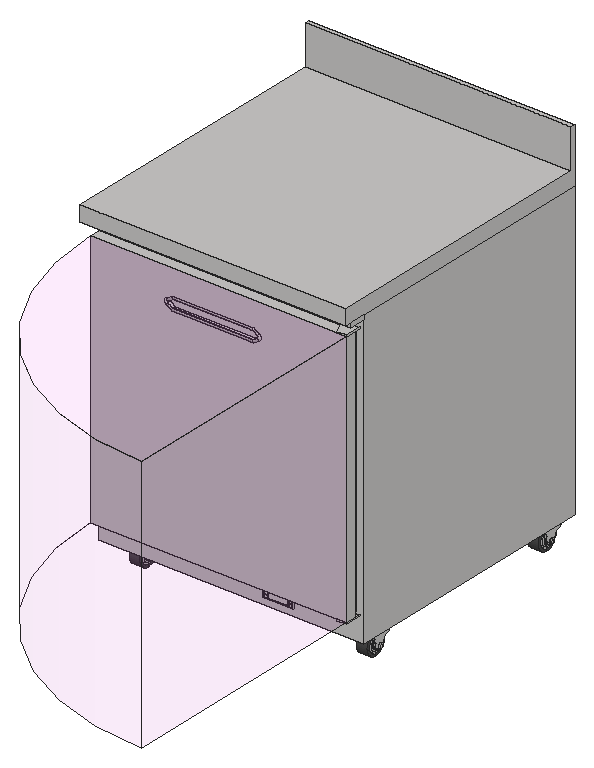
Revit family "QF_Kelvinator_738303_KCHUCWT27F", category Specialty Equipment, Revit 2021
Family settings
  Round Connector Dimension = Use Diameter
  Part Type = Normal
  Work Plane-Based = No
  Always vertical = Yes
  Cut with Voids When Loaded = No
  Shared = No
  Room Calculation Point = No
Parameters
  Weight in Pounds = 152.119
  Weight = 69.00 lbm
  Watts = 0 W
  Volts = 115 V
  URL Manufacturer = "KELVINATOR"
  URL Cutsheet = ""
  URL = "KELVINATOR"
  Specification by User = ""
  Specification by Manufacturer = ""
  Show Right Door [instance] = not(Show Left Door)  # yes
  Show Left Door [instance] = no
  Serial Number = ""
  Seismic Rating = ""
  SMACNA No = ""
  Revision Code = ""
  Refrigerant Type = "R290"
  Phase = 1
  Number of Poles = 1
  NAFEM Spec ID Number = ""
  Model = "KCHUCWT27F"
  Min Ckt Ampacity = 0 A
  Max Overcurrent Protection = 0 A
  Masterspec = ""
  Manufacturer = "Kelvinator"
  Length Actual = 705"
  Length = 27 3/4"
  Item Number = "738303"
  Installed By = ""
  Identify Quantity as Lot = yes
  Height Actual = 1007"
  Height = 39 5/8"
  HP = "0.3 HP"
  Gas KW = 0
  Furnished By = ""
  Foodservice Equipment Identifier = yes
  FL Amps = 1.9 A
  Electrical Remarks = ""
  Electric Connection Type = ""
  Elec Conn RI Height = 0"
  Elec Conn Connection Height = 0"
  Description = "1-DOOR WORK TOP FREEZER 27\" LONG"
  Depth Actual = 760"
  Depth = 29 15/16"
  Default Elevation = 0"
  Cycle = 60 Hz
  Conn Plug = "5-15P"
  Conn Conduit = yes
  CSI MasterFormat = ""
  Apparent Power = 0 VA
  Accessory = no
Reference planes (in)
  plane 1 "BACK": y = 0
  plane 2: z = 0
  plane 3 "LEFT": x = 0
  plane 4 "RIGHT": x = 27.75
  plane 5 "FRONT": y = -29.9375
  plane 6 "TOP": z = 39.625
  plane 7 "Center Y": x = 13.875
  plane 8 "Center X": y = -14.96875
Dimensions and locks (in)
  equal spacing: plane 3 "LEFT", plane 7 "Center Y", plane 4 "RIGHT"
  "Length": plane 3 "LEFT" to plane 4 "RIGHT"
  equal spacing: plane 5 "FRONT", plane 8 "Center X", plane 1 "BACK"
  "Depth": plane 5 "FRONT" to plane 1 "BACK"
  "Height": plane 6 "TOP" to level
  aligned and locked: level to plane 2
Nested families (in)
  nested 1: "KCHST.0001" at (0, 0, 0), Show Left Door <- "Show Left Door", Show Right Door <- "Show Right Door", type "KCHST.0001"
    with Show Right Door yes, Show Left Door no, Show Clearance yes
Connectors (in)
  electrical at (13.85, -0.87772, 2.31881), driven by "Volts", driven by "Watts"
    settings: on nested 1, index 1, voltage 115 V, apparent load 0 VA, apparent load phase1 0 VA, apparent load phase2 0 VA, apparent load phase3 0 VA, power factor 1, load classification "Other", number of poles 1, system type 30, power factor state 1, is connector primary yes, connector utility no, sub classification motor no, connector description ""
Definition of nested family "KCHST.0001"
  Parameters (values of type "KCHST.0001")
    Weight in Pounds = 0
    URL Cutsheet = ""
    Specification by User = ""
    Specification by Manufacturer = ""
    Show Right Door [instance] = yes
    Show Left Door [instance] = yes
    Show Clearance [instance] = yes
    Serial Number = ""
    Seismic Rating = ""
    SMACNA No = ""
    Revision Code = ""
    NAFEM Spec ID Number = ""
    Masterspec = ""
    Length = 27 3/4"
    Item Number = ""
    Installed By = ""
    Identify Quantity as Lot = yes
    Height = 39 5/8"
    Furnished By = ""
    Foodservice Equipment Identifier = yes
    Depth = 29 15/16"
    Default Elevation = 0"
    CSI MasterFormat = ""
  Reference planes (in)
    plane 1 "BACK": y = 0
    plane 2: z = 0
    plane 3 "LEFT": x = 0
    plane 4 "RIGHT": x = 27.75
    plane 5 "FRONT": y = -29.9375
    plane 6 "TOP": z = 39.625
    plane 7 "Center Y": x = 13.875
    plane 8 "Center X": y = -14.96875
    plane 9: z = 3.1
    plane 10: z = 33.9
    plane 11: y = -56
    plane 12: y = -29.2
    plane 13: z = 32.4
    plane 14: z = 5.6
    plane 15: y = -27.5
    plane 16: x = 25.75
    plane 17: x = 2
    plane 18: x = 27.25
    plane 19: x = 0.5
    plane 20: z = 35.5
    plane 21: y = -27.2
  Forms (in)
    Extrusion 1, solid
      sketch origin (0, 0, 0) x (0, 1, 0) y (0, 0, 1)
        loop
          line (-27.5, 33.9) -> (-27.5, 3.1) -> (0, 3.1) -> (0, 33.9) -> (-27.5, 33.9)
      from 0 to 27.75
    Extrusion 2, solid
      sketch origin (0, 0, 0) x (0, 1, 0) y (0, 0, 1)
        loop
          line (-0.48673, 39.625) -> (-0.48673, 35.5) -> (-29.9375, 35.5) -> (-29.9375, 33.9) -> (0, 33.9) -> (0, 39.625) -> (-0.48673, 39.625)
      from 0 to 27.75
    Extrusion 3, solid
      sketch origin (0, 0, 0) x (0, 1, 0) y (0, 0, 1)
        loop
          line (-29.2, 33.9) -> (-29.2, 33.4) -> (-27.5, 33.4) -> (-27.5, 33.9) -> (-29.2, 33.9)
      from 0 to 27.75
    Extrusion 4, solid
      sketch origin (13.875, 6.90541, 48) x (0, 1, 0) y (0, 0, 1)
        loop
          line (-36.10541, -15.6) -> (-36.10541, -42.4) -> (-34.95211, -42.4) -> (-34.95211, -15.6) -> (-36.10541, -15.6)
      from 13.375 to -13.375
    Extrusion 5, solid
      sketch origin (0, 0, 0) x (0, 1, 0) y (0, 0, 1)
        loop
          line (-28.04671, 32.20449) -> (-28.04671, 5.81322) -> (-27.79671, 5.81322) -> (-27.79671, 32.20449) -> (-28.04671, 32.20449)
      from 0.74536 to 26.90213
    Extrusion 6, solid
      sketch origin (0, 0.25, 0) x (0, 1, 0) y (0, 0, 1)
        loop
          line (-28.04671, 32.20449) -> (-28.04671, 5.81322) -> (-27.864, 5.81322) -> (-27.864, 32.20449) -> (-28.04671, 32.20449)
      from 0.74536 to 26.90213
    Extrusion 7, solid
      sketch origin (0, 0.4327, 0) x (0, 1, 0) y (0, 0, 1)
        loop
          line (-28.04671, 32.20449) -> (-28.04671, 5.81322) -> (-27.9327, 5.81322) -> (-27.9327, 32.20449) -> (-28.04671, 32.20449)
      from 0.74536 to 26.90213
    Extrusion 8, solid
      sketch origin (-4.97957, -27.5, -4.77927) x (-1, 0, 0) y (0, 0, 1)
        loop
          line (-22.17533, 9.70772) -> (-25.32493, 9.70772) -> (-25.32493, 8.52662) -> (-22.17533, 8.52662) -> (-22.17533, 9.70772)
        loop
          line (-22.25407, 9.63107) -> (-22.64777, 9.63107) -> (-22.64777, 9.31193) -> (-22.25407, 9.31193) -> (-22.25407, 9.63107)
        loop
          line (-22.25407, 9.27674) -> (-22.64777, 9.27674) -> (-22.64777, 8.9576) -> (-22.25407, 8.9576) -> (-22.25407, 9.27674)
        loop
          line (-22.25407, 8.92241) -> (-22.64777, 8.92241) -> (-22.64777, 8.60327) -> (-22.25407, 8.60327) -> (-22.25407, 8.92241)
        loop
          line (-25.24619, 9.63107) -> (-25.24619, 9.31193) -> (-24.85249, 9.31193) -> (-24.85249, 9.63107) -> (-25.24619, 9.63107)
        loop
          line (-25.24619, 9.27674) -> (-25.24619, 8.9576) -> (-24.85249, 8.9576) -> (-24.85249, 9.27674) -> (-25.24619, 9.27674)
        loop
          line (-25.24619, 8.92241) -> (-25.24619, 8.60327) -> (-24.85249, 8.60327) -> (-24.85249, 8.92241) -> (-25.24619, 8.92241)
        loop
          line (-22.72525, 9.63107) -> (-24.77501, 9.63107) -> (-24.77501, 8.60716) -> (-22.72525, 8.60716) -> (-22.72525, 9.63107)
      from 0.07874 to -0.04602
    Extrusion 9, solid
      sketch origin (-4.97957, -27.54602, -4.77927) x (1, 0, 0) y (0, 0, 1)
        loop
          line (24.85249, 9.63107) -> (24.85249, 9.31193) -> (25.24619, 9.31193) -> (25.24619, 9.63107) -> (24.85249, 9.63107)
        loop
          line (24.85249, 9.27674) -> (24.85249, 8.9576) -> (25.24619, 8.9576) -> (25.24619, 9.27674) -> (24.85249, 9.27674)
        loop
          line (24.85249, 8.92241) -> (24.85249, 8.60327) -> (25.24619, 8.60327) -> (25.24619, 8.92241) -> (24.85249, 8.92241)
        loop
          line (22.64777, 9.63107) -> (22.25407, 9.63107) -> (22.25407, 9.31193) -> (22.64777, 9.31193) -> (22.64777, 9.63107)
        loop
          line (22.64777, 9.27674) -> (22.25407, 9.27674) -> (22.25407, 8.9576) -> (22.64777, 8.9576) -> (22.64777, 9.27674)
        loop
          line (22.64777, 8.92241) -> (22.25407, 8.92241) -> (22.25407, 8.60327) -> (22.64777, 8.60327) -> (22.64777, 8.92241)
      from 0 to -0.07874
    Extrusion 10, solid
      sketch origin (-4.97957, -27.54602, -4.77927) x (1, 0, 0) y (0, 0, 1)
        loop
          line (22.72525, 9.63107) -> (22.72525, 8.60716) -> (24.77501, 8.60716) -> (24.77501, 9.63107) -> (22.72525, 9.63107)
      from 0 to -0.07874
    Extrusion 11, void
      sketch origin (-4.97957, -27.5, -4.77927) x (-1, 0, 0) y (0, 0, 1)
        loop
          line (-22.17533, 9.70772) -> (-25.32493, 9.70772) -> (-25.32493, 8.52662) -> (-22.17533, 8.52662) -> (-22.17533, 9.70772)
      from 0 to 0.07874
    Extrusion 12, void
      sketch origin (-15.80943, -29.19996, 31.5181) x (0, 0, 1) y (1, 0, 0)
        loop
          line (-1.94791, 24.94068) -> (-1.94791, 33.29068) -> (-2.28604, 33.83168)
          arc (-2.28604, 33.83168) -> (-2.38541, 33.88676) -> (-2.48479, 33.83168) r 0.11719
          line (-2.48479, 33.83168) -> (-2.82291, 33.29068) -> (-2.82291, 24.94068) -> (-2.48621, 24.40196)
          arc (-2.48621, 24.40196) -> (-2.38541, 24.34609) -> (-2.28462, 24.40196) r 0.11887
          line (-2.28462, 24.40196) -> (-1.94791, 24.94068)
      from 0 to 0.31887
    Sweep 13, solid
      path origin (-15.80943, -26.39996, 31.5181) x (0, 0, -1) y (1, 0, 0)
        loop
          line (2.82291, 33.29068) -> (2.48479, 33.83168)
          arc (2.48479, 33.83168) -> (2.38541, 33.88676) -> (2.28604, 33.83168) r 0.11719
          line (2.28604, 33.83168) -> (1.94791, 33.29068) -> (1.94791, 24.94068) -> (2.28462, 24.40196)
          arc (2.28462, 24.40196) -> (2.38541, 24.34609) -> (2.48621, 24.40196) r 0.11887
          line (2.48621, 24.40196) -> (2.82291, 24.94068) -> (2.82291, 33.29068)
      profile origin (13.30625, -26.39996, 28.69519) x (0, 0, -1) y (0, -1, 0)
        loop
          line (0, 2.8) -> (0.25, 2.8)
          arc (0.25, 2.8) -> (0.125, 2.85269) -> (0, 2.8) r 0.17461
    Extrusion 14, solid
      sketch origin (0.56875, -3.56521, 3.1) x (-1, 0, 0) y (0, 1, 0)
        loop
          circle (-13.28125, 2.68749) r 0.25
      from 0 to 0.78119
    Extrusion 15, solid, visible <- "Show Right Door"
      sketch origin (0, 9.61225, 5.6) x (1, 0, 0) y (0, -1, 0)
        loop
          line (0.5, 38.81225) -> (27.25, 38.81225) -> (27.25, 65.56225)
          arc (27.25, 65.56225) -> (8.33489, 57.72736) -> (0.5, 38.81225) r 26.75
      from 0 to -26.8
    Extrusion 16, solid, visible <- "Show Right Door"
      sketch origin (13.875, -29.2, 32.4) x (0, 1, 0) y (-1, 0, 0)
        loop
          line (1.7, -13.375) -> (1.7, -11.625) -> (0, -12.375) -> (0, -13.375) -> (1.7, -13.375)
      from 0 to 0.13
    Extrusion 17, solid, visible <- "Show Right Door"
      sketch origin (13.875, -28.04671, 5.6) x (-1, 0, 0) y (0, 1, 0)
        loop
          line (-11.625, 0.54671) -> (-13.375, 0.54671) -> (-13.375, -1.15329) -> (-12.375, -1.15329) -> (-11.625, 0.54671)
      from 0 to 0.13
    Extrusion 18, solid, visible <- "Show Left Door"
      sketch origin (13.875, -29.2, 32.4) x (0, 1, 0) y (-1, 0, 0)
        loop
          line (1.7, 13.375) -> (0, 13.375) -> (0, 12.375) -> (1.7, 11.625) -> (1.7, 13.375)
      from 0 to 0.13
    Extrusion 19, solid, visible <- "Show Left Door"
      sketch origin (13.875, -28.04671, 5.6) x (-1, 0, 0) y (0, 1, 0)
        loop
          line (11.625, 0.54671) -> (12.375, -1.15329) -> (13.375, -1.15329) -> (13.375, 0.54671) -> (11.625, 0.54671)
      from 0 to 0.13
    Extrusion 20, solid, visible <- "Show Left Door"
      sketch origin (27.8, 9.61225, 5.6) x (1, 0, 0) y (0, -1, 0)
        loop
          arc (-0.55, 38.81225) -> (-8.38489, 57.72736) -> (-27.3, 65.56225) r 26.75
          line (-27.3, 65.56225) -> (-27.3, 38.81225) -> (-0.55, 38.81225)
      from 0 to -26.8
  Cuts and joins
    Extrusion 11 cuts Extrusion 8
    Extrusion 12 cuts Extrusion 4
  Lines and regions (in)
    symbolic lines
      curve 1: line (27.75, -29.9375, 0) -> (27.75, 0, 0)
      curve 2: line (27.75, 0, 0) -> (0, 0, 0)
      curve 3: line (0, 0, 0) -> (0, -29.9375, 0)
      curve 4: line (0, -29.9375, 0) -> (27.75, -29.9375, 0)
      curve 5: line (0, -0.48673, 0) -> (27.75, -0.48673, 0)
    symbolic lines, visible <- "Show Right Door"
      curve 6: arc (0.50285, -29.9375, 0) -> (1.5946, -36.79965, 0) -> (4.41646, -43.14932, 0) r 26.75732
      curve 7: line (27.25, -29.9375, 0) -> (4.41646, -43.14932, 0)
    symbolic lines, visible <- "Show Left Door"
      curve 8: arc (27.24715, -29.9375, 0) -> (26.1554, -36.79965, 0) -> (23.33354, -43.14932, 0) r 26.75732
      curve 9: line (0.5, -29.9375, 0) -> (23.33354, -43.14932, 0)
  Dimensions and locks (in)
    equal spacing: plane 3 "LEFT", plane 7 "Center Y", plane 4 "RIGHT"
    "Length": plane 3 "LEFT" to plane 4 "RIGHT"
    equal spacing: plane 5 "FRONT", plane 8 "Center X", plane 1 "BACK"
    "Depth": plane 5 "FRONT" to plane 1 "BACK"
    "Height": plane 6 "TOP" to level
    level to plane 9 = 3.1"
    plane 10 to plane 9 = 30.8"
    plane 11 to plane 1 "BACK" = 56"
    plane 14 to plane 13 = 26.8"
    locked: plane 4 "RIGHT" to plane 16 at 2
    locked: plane 3 "LEFT" to plane 17 at 2
    locked: plane 19 to plane 3 "LEFT" at 0.5
    locked: plane 18 to plane 4 "RIGHT" at 0.5
    plane 3 "LEFT" to plane 4 "RIGHT" = 27 3/4"
    plane 20 to level = 35 1/2"
    plane 6 "TOP" to plane 20 = 4 1/8"
    plane 5 "FRONT" to plane 1 "BACK" = 29 15/16"
    plane 21 to plane 1 "BACK" = 27.2"
    plane 9 to plane 20 = 32.4"
    aligned and locked: level to plane 2
    aligned and locked: plane 16 to nested 1
    aligned and locked: nested 2 to plane 17
    aligned and locked: Extrusion 1 to plane 4 "RIGHT"
    aligned and locked: plane 4 "RIGHT" to Extrusion 1
    aligned and locked: Extrusion 3 to plane 4 "RIGHT"
    aligned and locked: Extrusion 2 to plane 4 "RIGHT"
    aligned and locked: plane 18 to cut or joined group of Extrusion 4, Extrusion 12
    aligned and locked: cut or joined group of Extrusion 4, Extrusion 12 to plane 19
    aligned and locked: plane 16 to nested 3
  Automatic sketch dimensions
    plane 9 to Extrusion 1 sketch curve = 0"
    Extrusion 1 sketch curve to plane 15 = 0"
    Extrusion 1 sketch curve to plane 1 "BACK" = 0"
    Extrusion 1 sketch curve to plane 10 = 0"
    Extrusion 2 sketch curve to plane 5 "FRONT" = 0"
    Extrusion 2 sketch curve to plane 20 = 0"
    Extrusion 2 sketch curve to plane 6 "TOP" = 0"
    Extrusion 2 sketch curve to plane 1 "BACK" = 0"
    Extrusion 2 sketch curve to plane 10 = 0"
    plane 1 "BACK" to Extrusion 2 sketch curve = 0.48673"
    Extrusion 3 sketch curve to plane 10 = 0"
    Extrusion 3 sketch curve to plane 12 = 0"
    Extrusion 3 sketch curve to plane 15 = 0"
    Extrusion 3 sketch curve to Extrusion 3 sketch curve = 1/2"
    Extrusion 4 sketch curve to plane 12 = 0"
    plane 14 to Extrusion 4 sketch curve = 0"
    plane 13 to Extrusion 4 sketch curve = 0"
    Extrusion 4 sketch curve to plane 15 = 0.54671"
    Extrusion 5 sketch curve to plane 14 = 0.21322"
    Extrusion 5 sketch curve to plane 15 = 0.54671"
    Extrusion 5 sketch curve to Extrusion 5 sketch curve = 1/4"
    plane 13 to Extrusion 5 sketch curve = 0.19551"
    Extrusion 6 sketch curve to plane 15 = 0.29671"
    Extrusion 6 sketch curve to plane 15 = 0.114"
    Extrusion 6 sketch curve to plane 14 = 0.21322"
    plane 13 to Extrusion 6 sketch curve = 0.19551"
    Extrusion 7 sketch curve to plane 15 = 0"
    Extrusion 7 sketch curve to Extrusion 7 sketch curve = 0.114"
    Extrusion 7 sketch curve to plane 14 = 0.21322"
    plane 13 to Extrusion 7 sketch curve = 0.19551"
    plane 14 to Extrusion 8 sketch curve = 0.67154"
    Extrusion 8 sketch curve to plane 16 = 5.40464"
    Extrusion 8 sketch curve to Extrusion 8 sketch curve = 0.07874"  (x3)
    Extrusion 8 sketch curve to Extrusion 8 sketch curve = 0"  (x7)
    Extrusion 8 sketch curve to Extrusion 8 sketch curve = 0.3937"  (x2)
    Extrusion 8 sketch curve to Extrusion 8 sketch curve = 0.07748"  (x3)
    Extrusion 8 sketch curve to plane 9 = 0.72789"
    Extrusion 8 sketch curve to Extrusion 8 sketch curve = 2.04976"
    Extrusion 8 sketch curve to Extrusion 8 sketch curve = 1/256"  (x2)
    Extrusion 8 sketch curve to Extrusion 8 sketch curve = 0.07665"  (x3)
    Extrusion 8 sketch curve to Extrusion 8 sketch curve = 0.31914"  (x4)
    Extrusion 8 sketch curve to Extrusion 8 sketch curve = 0.03519"  (x4)
    Extrusion 8 to Extrusion 9 sketch curve = 0"  (x10)
    Extrusion 9 sketch curve to Extrusion 8 = 0"  (x14)
    Extrusion 10 sketch curve to Extrusion 8 = 0"  (x3)
    Extrusion 8 to Extrusion 10 sketch curve = 0"
    plane 14 to Extrusion 11 sketch curve = 0.67154"
    Extrusion 11 sketch curve to plane 16 = 5.40464"
    Extrusion 11 sketch curve to plane 9 = 0.64735"
    Extrusion 11 sketch curve to Extrusion 11 sketch curve = 3.14961"
    curve 5 to plane 3 "LEFT" = 0"
    curve 8 to plane 12 = 0"
    curve 8 to plane 19 = 0"
    plane 5 "FRONT" to curve 9 = 0"
    curve 9 to plane 19 = 0"
    curve 7 to plane 18 = 0"
    curve 6 to plane 12 = 0"
    curve 6 to plane 18 = 0"
    curve 4 to plane 4 "RIGHT" = 0"
    plane 1 "BACK" to curve 2 = 0"
    curve 7 to plane 17 = 2.41646"
    curve 9 to plane 16 = 2.41646"
    curve 7 to plane 11 = 12.85068"
    curve 9 to plane 11 = 12.85068"
    plane 1 "BACK" to curve 5 = 0.48673"
    plane 13 to Extrusion 12 sketch curve = 3.70481"
    Extrusion 12 sketch curve to Extrusion 12 sketch curve = 0.3367"
    Extrusion 12 sketch curve to Extrusion 12 sketch curve = 0.33813"  (x2)
    Extrusion 12 sketch curve to Extrusion 12 sketch curve = 0.09937"  (x2)
    Extrusion 12 sketch curve to Extrusion 12 sketch curve = 0.1008"  (x2)
    Extrusion 12 sketch curve to plane 7 "Center Y" = 5.28247"
    Extrusion 12 sketch curve to Extrusion 12 sketch curve = 0.063"
    Extrusion 12 sketch curve to Extrusion 12 sketch curve = 0.53872"  (x2)
    plane 7 "Center Y" to Extrusion 12 sketch curve = 3.60625"
    Extrusion 12 sketch curve to Extrusion 12 sketch curve = 0"
    Extrusion 12 sketch curve to Extrusion 12 sketch curve = 0.47889"
    Extrusion 12 sketch curve to Extrusion 12 sketch curve = 0.06211"
    plane 13 to Sweep 13 sketch curve = 2.82981"
    Sweep 13 sketch curve to Sweep 13 sketch curve = 0.3367"
    Sweep 13 sketch curve to Sweep 13 sketch curve = 0.33813"  (x2)
    Sweep 13 sketch curve to Sweep 13 sketch curve = 0.09937"  (x2)
    Sweep 13 sketch curve to Sweep 13 sketch curve = 0.1008"  (x2)
    Sweep 13 sketch curve to plane 7 "Center Y" = 5.28247"
    Sweep 13 sketch curve to Sweep 13 sketch curve = 0.063"
    Sweep 13 sketch curve to Sweep 13 sketch curve = 0.53872"  (x2)
    plane 7 "Center Y" to Sweep 13 sketch curve = 3.60625"
    Sweep 13 sketch curve to Sweep 13 sketch curve = 0"
    Sweep 13 sketch curve to Sweep 13 sketch curve = 0.47889"
    Sweep 13 sketch curve to Sweep 13 sketch curve = 0.06211"
    Sweep 13 sketch curve to profile plane = 0"
    Sweep 13 sketch curve to profile plane = 1/8"
    profile plane to Sweep 13 sketch curve = 2.67809"
    Sweep 13 sketch curve to Sweep 13 sketch curve = 0.12191"
    Extrusion 1 to Extrusion 14 sketch curve = 0.87772"
    Extrusion 14 sketch curve to Extrusion 1 = 13.9"
    Extrusion 15 sketch curve to plane 12 = 0"
    Extrusion 15 sketch curve to plane 19 = 0"
    Extrusion 15 sketch curve to plane 18 = 0"
    Extrusion 16 sketch curve to Extrusion 4 = 0"
    Extrusion 4 to Extrusion 16 sketch curve = 0"
    Extrusion 4 to Extrusion 16 sketch curve = 0.54671"
    Extrusion 4 to Extrusion 16 sketch curve = 1"
    Extrusion 4 to Extrusion 16 sketch curve = 1 3/4"
    Extrusion 17 sketch curve to Extrusion 4 = 0"
    Extrusion 4 to Extrusion 17 sketch curve = 0"
    Extrusion 17 sketch curve to Extrusion 4 = 1"
    Extrusion 17 sketch curve to Extrusion 4 = 0.54671"
    Extrusion 17 sketch curve to Extrusion 4 = 1 3/4"
    Extrusion 18 sketch curve to Extrusion 4 = 0"  (x2)
    Extrusion 4 to Extrusion 18 sketch curve = 0.54671"
    Extrusion 4 to Extrusion 18 sketch curve = 1"
    Extrusion 4 to Extrusion 18 sketch curve = 1 3/4"
    Extrusion 4 to Extrusion 19 sketch curve = 0"
    Extrusion 19 sketch curve to Extrusion 4 = 0"
    Extrusion 19 sketch curve to Extrusion 4 = 1"
    Extrusion 19 sketch curve to Extrusion 4 = 0.54671"
    Extrusion 19 sketch curve to Extrusion 4 = 1 3/4"
    Extrusion 20 sketch curve to plane 12 = 0"
    Extrusion 20 sketch curve to plane 19 = 0"
    Extrusion 20 sketch curve to plane 18 = 0"
    radius of Extrusion 14 sketch curve = 1/4"
  Nested families (in)
    nested 1: "3 INCHES 01_CASTER" at (25.75, -24.75, 0), type "3 INCHES 01_CASTER"
      with Type Mark "", Specification by User "", Revision Code "", Item Number "", Installed By "", Identify Quantity as Lot yes, Furnished By "", Foodservice Equipment Identifier yes, 3 Inches Caster yes
    nested 2: "3 INCHES 01_CASTER" at (2, -24.75, 0), type "3 INCHES 01_CASTER"
      with Type Mark "", Specification by User "", Revision Code "", Item Number "", Installed By "", Identify Quantity as Lot yes, Furnished By "", Foodservice Equipment Identifier yes, 3 Inches Caster yes
    nested 3: "3 INCHES 01_CASTER" at (25.75, -2.375, 0), type "3 INCHES 01_CASTER"
      with Type Mark "", Specification by User "", Revision Code "", Item Number "", Installed By "", Identify Quantity as Lot yes, Furnished By "", Foodservice Equipment Identifier yes, 3 Inches Caster yes
    nested 4: "3 INCHES 01_CASTER" at (2, -2.375, 0), type "3 INCHES 01_CASTER"
      with Type Mark "", Specification by User "", Revision Code "", Item Number "", Installed By "", Identify Quantity as Lot yes, Furnished By "", Foodservice Equipment Identifier yes, 3 Inches Caster yes
  Definition of nested family "3 INCHES 01_CASTER"
    Parameters (values of type "3 INCHES 01_CASTER")
      Weight = ""
      URL Manufacturer = ""
      URL Cutsheet = ""
      URL = ""
      Type Mark [instance] = ""
      Specification by User [instance] = ""
      Specification by Manufacturer = ""
      Serial Number = ""
      Seismic Rating = ""
      SMACNA No = ""
      Revision Code [instance] = ""
      Omniclass Number and Title = ""
      NAFEM Spec ID Number = ""
      Model = ""
      MasterSpec. = ""
      Manufacturer = ""
      Item Number [instance] = ""
      Installed By [instance] = ""
      Identify Quantity as Lot [instance] = yes
      Furnished By [instance] = ""
      Foodservice Equipment Identifier [instance] = yes
      Description = ""
      Default Elevation = 0"
      CSI MasterFormat = ""
      CSI Master Format = ""
      Assembly Code = ""
      3 Inches Caster [instance] = yes
    Reference planes (in)
      plane 1: z = 0
      plane 2 "RIGHT": x = 0
      plane 3 "FRONT": y = 0
      plane 4 "TOP": z = 3.1
    Forms (in)
      Revolve 1, solid, visible <- "3 Inches Caster"
        sketch origin (-1.93794, 0.56004, -1.0041) x (1, 0, 0) y (0, 0, 1)
          loop
            line (0.74055, 2.11347) -> (0.74055, 2.03797) -> (0.79055, 1.98797) -> (0.85055, 1.98797) -> (0.85055, 1.8679) -> (1.235, 1.8679) -> (1.235, 1.7068) -> (1.36441, 1.63209) -> (1.4003, 1.41035) -> (1.34375, 1.41035) -> (1.34375, 1.28535) -> (1.375, 1.28535) -> (1.375, 1.0041) -> (2.48438, 1.0041) -> (2.48438, 1.28535) -> (2.51563, 1.28535) -> (2.51563, 1.41035) -> (2.45908, 1.41035) -> (2.49553, 1.6356) -> (2.62438, 1.70999) -> (2.62438, 1.8679) -> (3.04007, 1.8679) -> (3.04007, 1.98797) -> (3.10007, 1.98797) -> (3.15007, 2.03797) -> (3.15007, 2.11347) -> (0.74055, 2.11347)
          axis (0.74055, 2.11347) -> (3.15007, 2.11347)
        angle from 0 to 360
      Extrusion 2, solid, visible <- "3 Inches Caster"
        sketch origin (-1.93794, 1.35294, -3.2541) x (0, 1, 0) y (0, 0, 1)
          loop
            line (-0.41094, 5.86793) -> (-0.41094, 6.01276) -> (-2.29494, 6.01276) -> (-2.29494, 5.71244) -> (-1.82301, 5.71244)
            arc (-1.82301, 5.71244) -> (-1.00307, 5.59865) -> (-0.19592, 5.41488) r 9.6332
            arc (-0.19592, 5.41488) -> (0.12646, 5.29481) -> (0.42224, 5.11916) r 1.92059
            line (0.42224, 5.11916) -> (0.51314, 5.245)
            arc (0.51314, 5.245) -> (0.27353, 5.42569) -> (0.01201, 5.5729) r 2.25036
            line (0.01201, 5.5729) -> (0.09371, 5.71426)
            arc (0.09371, 5.71426) -> (-0.15272, 5.81043) -> (-0.41094, 5.86793) r 1.73151
        from 1.17357 to 2.70231
      Revolve 3, solid, visible <- "3 Inches Caster"
        sketch origin (0, 1.73858, -3.25) x (0, 1, 0) y (0, 0, 1)
          loop
            line (-1.73858, 6.35) -> (-1.73858, 6.00866) -> (-0.93293, 6.00866) -> (-0.93293, 6.35) -> (-1.73858, 6.35)
          axis (-1.73858, 6.00866) -> (-1.73858, 6.35)
        angle from 0 to 360
      Extrusion 4, solid, visible <- "3 Inches Caster"
        sketch origin (-1.98481, 1.35294, -1.7541) x (0, 1, 0) y (0, 0, 1)
          loop
            line (-2.29494, 4.51276) -> (-2.29494, 4.21244) -> (-2.2074, 4.21244)
            arc (-2.2074, 4.21244) -> (-1.58796, 3.87196) -> (-1.3103, 3.22193) r 1.0835
            arc (-1.3103, 3.22193) -> (-1.27304, 2.98711) -> (-1.19616, 2.76214) r 1.38462
            arc (-1.19616, 2.76214) -> (-0.77704, 2.49744) -> (-0.37393, 2.78593) r 0.44401
            arc (-0.37393, 2.78593) -> (-0.35491, 2.84407) -> (-0.34077, 2.90358) r 0.74034
            arc (-0.34077, 2.90358) -> (-0.07302, 3.38916) -> (0.4279, 3.62699) r 0.90376
            line (0.4279, 3.62699) -> (0.51314, 3.745)
            arc (0.51314, 3.745) -> (0.27353, 3.92569) -> (0.01201, 4.0729) r 2.25036
            line (0.01201, 4.0729) -> (0.09371, 4.21426)
            arc (0.09371, 4.21426) -> (-0.15272, 4.31043) -> (-0.41094, 4.36793) r 1.73151
            line (-0.41094, 4.36793) -> (-0.41094, 4.51276) -> (-2.29494, 4.51276)
        from 2.74918 to 2.90825
      Extrusion 5, solid, visible <- "3 Inches Caster"
        sketch origin (1.98481, 1.35294, -1.7541) x (0, 1, 0) y (0, 0, -1)
          loop
            line (-2.29494, -4.51276) -> (-0.41094, -4.51276) -> (-0.41094, -4.36793)
            arc (-0.41094, -4.36793) -> (-0.15272, -4.31043) -> (0.09371, -4.21426) r 1.73151
            line (0.09371, -4.21426) -> (0.01201, -4.0729)
            arc (0.01201, -4.0729) -> (0.27353, -3.92569) -> (0.51314, -3.745) r 2.25036
            line (0.51314, -3.745) -> (0.4279, -3.62699)
            arc (0.4279, -3.62699) -> (-0.07302, -3.38916) -> (-0.34077, -2.90358) r 0.90376
            arc (-0.34077, -2.90358) -> (-0.35491, -2.84407) -> (-0.37393, -2.78593) r 0.74034
            arc (-0.37393, -2.78593) -> (-0.77704, -2.49744) -> (-1.19616, -2.76214) r 0.44401
            arc (-1.19616, -2.76214) -> (-1.27304, -2.98711) -> (-1.3103, -3.22193) r 1.38462
            arc (-1.3103, -3.22193) -> (-1.58796, -3.87196) -> (-2.2074, -4.21244) r 1.0835
            line (-2.2074, -4.21244) -> (-2.29494, -4.21244) -> (-2.29494, -4.51276)
        from 2.74918 to 2.90825
    Cuts and joins
      joined: Extrusion 2, Extrusion 4, Extrusion 5
    Lines and regions (in)
      symbolic lines, visible <- "3 Inches Caster"
        curve 1: line (0.1877, 1.65194, 0) -> (0.89063, 1.2461, 0)
        curve 2: line (-1.00175, -0.40823, 0) -> (0.1877, 1.65194, 0)
        curve 3: line (-0.29881, -0.81407, 0) -> (-1.00175, -0.40823, 0)
        curve 4: line (0.89063, 1.2461, 0) -> (-0.29881, -0.81407, 0)
    Dimensions and locks (in)
      plane 4 "TOP" to level = 3.1"  (x2)
      aligned and locked: level to plane 1
